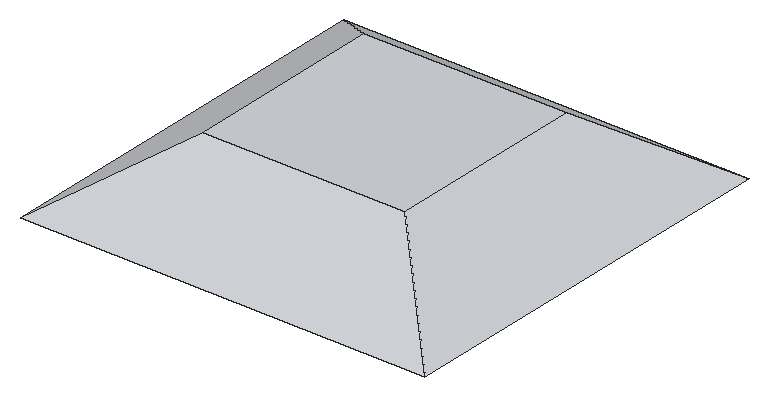
Revit family "07b6a3aca6ba4d61b47c579d101e4777", category Air Terminals, Revit 2021
Family settings
  Round Connector Dimension = Use Diameter
  Part Type = Normal
  OmniClass Number = 23.75.70.21.27.11
  OmniClass Title = Diffusers, Registers, and Grilles
  Seek Item ID = Return Diffuser-0000-USA-ENU
  Work Plane-Based = No
  Always vertical = Yes
  Cut with Voids When Loaded = No
  Shared = No
  Room Calculation Point = No
Parameters (values of type "24 x 24 Face 12 x 12 Connection")
  Width 1 = Diffuser Width * 0.65  # 1' - 3.6"
  Duct Width = 12"
  Duct Height = Duct Width  # 12"
  Diffuser Width = 2' - 0"
  UpArrow [instance] = yes
  Pressure Drop [instance] = 0.0563 in-wg
  RightArrow [instance] = yes
  LeftArrow [instance] = yes
  Flow [instance] = 500 CFM
  DownArrow [instance] = yes
  Diffuser Height = Diffuser Width  # 2' - 0"
  Default Elevation = 0' - 0"
  Assembly Code = ""
Reference planes (in)
  plane 1 "Center (Front/Back)": y = 0
  plane 2: z = 0
  plane 3 "Center (Left/Right)": x = 0
Forms (in)
  Blend 1, solid
    base sketch origin (0, 0, 0) x (1, 0, 0) y (0, 1, 0)
      loop
        line (-12, 12) -> (-12, -12) -> (12, -12) -> (12, 12) -> (-12, 12)
    top sketch origin (0, 0, 0) x (1, 0, 0) y (0, 1, 0)
      loop
        line (-6, 6) -> (-6, -6) -> (6, -6) -> (6, 6) -> (-6, 6)
    from 0 to 4
Lines and regions (in)
  symbolic lines, style "DuctTerminal"
    curve 1: line (12, -12, 0) -> (-12, 12, 0)
    curve 2: line (-12, 12, 0) -> (12, 12, 0)
    curve 3: line (12, 12, 0) -> (12, -12, 0)
    curve 4: line (12, -12, 0) -> (-12, -12, 0)
    curve 5: line (-12, 12, 0) -> (-12, -12, 0)
Dimensions and locks (in)
  equal spacing: Blend 1 sketch curve, plane 3 "Center (Left/Right)", Blend 1 sketch curve  (x2)
  "Diffuser Width": Blend 1 sketch curve to Blend 1 sketch curve
  equal spacing: Blend 1 sketch curve, plane 1 "Center (Front/Back)", Blend 1 sketch curve  (x2)
  "Diffuser Height": Blend 1 sketch curve to Blend 1 sketch curve
  "Duct Width": Blend 1 sketch curve to Blend 1 sketch curve
  "Duct Height": Blend 1 sketch curve to Blend 1 sketch curve
  "Width 1": nested 1 to plane 3 "Center (Left/Right)"
  "Width 1": plane 3 "Center (Left/Right)" to nested 3
  "Width 1": plane 1 "Center (Front/Back)" to nested 2
  "Width 1": plane 1 "Center (Front/Back)" to nested 4
  aligned and locked: curve 5 to Blend 1
  aligned and locked: plane 1 "Center (Front/Back)" to nested 1
  aligned and locked: nested 3 to plane 1 "Center (Front/Back)"
  aligned and locked: plane 3 "Center (Left/Right)" to nested 4
  aligned and locked: nested 2 to plane 3 "Center (Left/Right)"
  aligned and locked: curve 3 to Blend 1
  aligned and locked: curve 4 to Blend 1
  aligned and locked: curve 2 to Blend 1
Nested families (in)
  nested 1: "Duct Terminal Arrow" at (-15.6, 0, 0), visible <- "LeftArrow", type "Duct Terminal Arrow"
  nested 2: "Duct Terminal Arrow" at (0, 15.6, 0) x (0, -1, 0) z (0, 0, 1), visible <- "UpArrow", type "Duct Terminal Arrow"
  nested 3: "Duct Terminal Arrow" at (15.6, 0, 0) x (-1, 0, 0) z (0, 0, 1), visible <- "RightArrow", type "Duct Terminal Arrow"
  nested 4: "Duct Terminal Arrow" at (0, -15.6, 0) x (0, 1, 0) z (0, 0, 1), visible <- "DownArrow", type "Duct Terminal Arrow"
Connectors (in)
  hvac at (0, 0, 4), driven by "Duct Width", driven by "Duct Width", driven by "Flow", driven by "Pressure Drop"
    settings: on Blend 1, index 0, duct flow 500 CFM, flow factor 0, pres drop 0.0563 in-wg, loss coef 0, conn angle 0.00°, conn width 12", conn height 12", conn diameter 24", duct sys type 2, conn prof type 1, flow config 1, flow direction 2, loss method 4, conn ref index -1, conn util no, is conn primary yes, conn desc ""
Definition of nested family "Duct Terminal Arrow"
  Parameters
    Width = (Length / 2) / cos(15.00°)  # 1.03528"
    Length = 2"
  Reference planes (in)
    plane 1 "Center (Front/Back)": y = 0
    plane 2: z = 0
    plane 3 "Center (Left/Right)": x = 0
  Lines and regions (in)
    Filled region 1, type "Concrete Block", in view "Ref. Level"
      outline origin (-2, 0, 0) x (1, 0, 0) y (0, 1, 0)
        loop
          line (1, 0.26795) -> (1, -0.26795) -> (2, 0) -> (1, 0.26795)
    detail lines, in view "Ref. Level"
      curve 1: line (-2, 0, 0) -> (0, 0, 0)
      curve 2: line (0, 0, 0) -> (-1, 0.26795, 0)
      curve 3: line (0, 0, 0) -> (-1, -0.26795, 0)
      curve 4: line (-1, 0.26795, 0) -> (-1, -0.26795, 0)
  Dimensions and locks (in)
    "Length": curve 1 to curve 1
    "Width": curve 2 to curve 2
    "Width": curve 3 to curve 3
    locked: curve 2 to curve 1 (angle 15.00°)
    locked: curve 1 to curve 3 (angle 15.00°)
    aligned and locked: plane 1 "Center (Front/Back)" to curve 1
    aligned and locked: Filled region 1 sketch curve to curve 4
    aligned and locked: Filled region 1 sketch curve to curve 2
    aligned and locked: Filled region 1 sketch curve to curve 3
    aligned and locked: plane 3 "Center (Left/Right)" to curve 1
